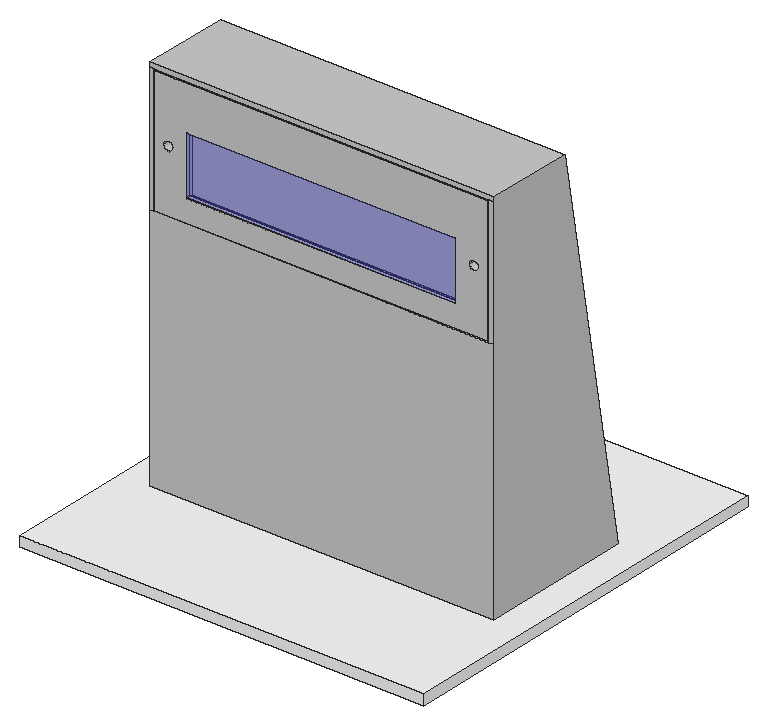
Revit family "BE_84081_de_DE", category Leuchten, Revit 2020
Family settings
  Basisbauteil = Fläche
  Bemaßung runder Anschluss = Durchmesser verwenden
  Teiletyp = Normal
  Beim Laden mit Abzugskörper schneiden = Ja
  Lichtquelle = Ja
  Gemeinsam genutzt = Nein
  Raumberechnungspunkt = Ja
Parameters (values of type "BEGA_84081_Silber_K4")
  built-in parameter 1150104 = 14.502 (stored number, unit not read)
  Wattage = 12.2 W
  Default Elevation = 0 mm
  built-in parameter 1150113 = 1 (stored number, unit not read)
  built-in parameter 1114218 = 1 (stored number, unit not read)
  Umgebungstemperatur = "25 °C"
  URL = "https://www.bega.com/de/produkt/84081"
  Typenkommentare = "© 2022 BEGA. Wir behalten uns das Recht vor, technische Änderungen ohne vorherige Ankündigung vorzunehmen."  # constant formula
  Type Image = 84081.png
  built-in parameter 1150134 = 12
  built-in parameter 1150109 = 1 (stored number, unit not read)
  Strom = ""
  built-in parameter 1150110 = 1 (stored number, unit not read)
  Spannung = 239.996 V
  Sonderanfertigung = no
  Seriennummer [instance] = "Hier können Sie die eindeutige Seriennummer für das Facility Management eintragen."
  Schutzklasse = "I"
  Schutzart = "IP 65"
  Scheinlast = 0 VA
  Produktdatenblatt = "https://cdn.bega.com/bega/products/84081AK4/current/documents/data-sheets/de"
  Oberflächentemperatur = ""
  Neigungswinkel = 0.00°
  Modell = "84081AK4"
  Material_17 = BEGA_Reflektor
  Material_15 = BEGA_Leuchtmedium_matt
  Material_11 = BEGA_Glas_opal
  Material_10 = BEGA_Glas_matt
  Material_09 = BEGA_Glas_klar
  Material_06 = BEGA_Oberfläche_Edelstahl_gebürstet
  Material_03 = BEGA_Oberfläche_Weiss_matt
  Material_02 = BEGA_Oberfläche_Silber_matt
  Material_01 [instance] = BEGA_Oberfläche_Grafit_matt
  M_W = no
  M_G = no
  M_A = yes
  Logo = 0
  built-in parameter 1114217 = 1 (stored number, unit not read)
  built-in parameter 1150139 = (empty or 0)
  built-in parameter 1150105 = 151.55 (stored number, unit not read)
  built-in parameter 1150114 = 1 (stored number, unit not read)
  Lumens = 1904.42 lm
  built-in parameter 1150115 = 1 (stored number, unit not read)
  Leuchtenlichtstrom = "856 lm"
  Leuchtenanzahl = ""
  Lebensdauerkriterien = "L70B50 @ 25 °C = 200000 h"
  Lastklassifizierung = Beleuchtung
  built-in parameter 1150112 = 1 (stored number, unit not read)
  Lampenlichtstrom = "1905 lm"
  Lampe = "LED 12.2 W"
  LED_Modulbezeichnung = "LED-0633/840"
  built-in parameter 1150142 = (empty or 0)
  Hersteller = "BEGA"  # constant formula
  Halbstreuwinkel = ""
  Gewicht = "9.05 kg"
  Gebrauchslageneinschränkung [instance] = ""
  Frequenz = "0/50-60 Hz"
  Farbwiedergabeindex = "CRI > 80"
  Farbtemperaturverschiebung bei Dämpfen der Lampe = <Keine Auswahl>
  Farbtemperatur = "4000 K"
  Farbfilter = 16777215
  Erdstück = no
  built-in parameter 1150133 = 10 (stored number, unit not read)
  Energieeffizienzklasse = "LED A++ - A"
  built-in parameter 1150137 = (empty or 0)
  built-in parameter 1150132 = (empty or 0)
  ENEC = "ja"
  Dimmbar [instance] = "DALI"
  Datei für fotometrisches Netz = "BE_84081K4.IES"
  CE_Konformität = "ja"
  Bestellnummer_Erdstück = if(Erdstück, "71890", "---")  # "---"
  Bestellnummer = "84081AK4"
  Beschreibung_Sonderanfertigung = "Hier können Sie Informationen zur Sonderanfertigung eintragen."
  Beschreibung = "Bodenaufbauleuchte"
  built-in parameter 1150106 = 1.5155 (stored number, unit not read)
  Befestigungsbohrung = "Ø 9 mm"
  Befestigungsabstand = "220 mm"
  Ballwurfsicher = ""
  BEGA_Intern_aus = yes
  BEGA_Intern_an = yes
  BEGA_Intern_Konstruktion = yes
  BEGA_Intern = yes
  BEGA_IES = yes
  BEGA_Dummy = no
  Anschlussleitung = ""
  Anschlussleistung [instance] = "14.5 W"
  built-in parameter 1150107 = 4000 (stored number, unit not read)
  built-in parameter 1150102 = (empty or 0)
  built-in parameter 1150138 = (empty or 0)
  Aktualisierung = "2022-05-19T04:00:07"
  Abstand_zur_angestrahlten_Fläche [instance] = ""
  AC/DC = "AC/DC"
Types (4, lengths in mm): name | built-in parameter 1150104 | built-in parameter 1150134 | Modell | M_G | M_A | built-in parameter 1150105 | Lumens | Leuchtenlichtstrom | Lampenlichtstrom | LED_Modulbezeichnung | Farbtemperatur | Datei für fotometrisches Netz | Bestellnummer | built-in parameter 1150106 | built-in parameter 1150107
  BEGA_84081_Silber_K4 | 14.502 (stored number, unit not read) | 12 | "84081AK4" | no | yes | 151.55 (stored number, unit not read) | 1904.42 lm | "856 lm" | "1905 lm" | "LED-0633/840" | "4000 K" | "BE_84081K4.IES" | "84081AK4" | 1.5155 (stored number, unit not read) | 4000 (stored number, unit not read)
  BEGA_84081_Grafit_K4 | 14.502 (stored number, unit not read) | 12 | "84081K4" | yes | no | 151.55 (stored number, unit not read) | 1904.42 lm | "856 lm" | "1905 lm" | "LED-0633/840" | "4000 K" | "BE_84081K4.IES" | "84081K4" | 1.5155 (stored number, unit not read) | 4000 (stored number, unit not read)
  BEGA_84081_Silber_K3 | 14.354 (stored number, unit not read) | (empty or 0) | "84081AK3" | no | yes | 150 (stored number, unit not read) | 1884.9 lm | "848 lm" | "1885 lm" | "LED-0633/830" | "3000 K" | "BE_84081K3.IES" | "84081AK3" | 1.5 (stored number, unit not read) | 3000 (stored number, unit not read)
  BEGA_84081_Grafit_K3 | 14.354 (stored number, unit not read) | (empty or 0) | "84081K3" | yes | no | 150 (stored number, unit not read) | 1884.9 lm | "848 lm" | "1885 lm" | "LED-0633/830" | "3000 K" | "BE_84081K3.IES" | "84081K3" | 1.5 (stored number, unit not read) | 3000 (stored number, unit not read)
Reference planes
  plane 1 "Mitte (Vorne/Hinten)": y = 0
  plane 2: z = 0
  plane 3 "Mitte (Links/Rechts)": x = 0
  plane 4 "Links": x = -170
  plane 5 "Rechts": x = 170
  plane 6 "Unten": y = -77.063
  plane 7 "Oben": y = 77.063
  plane 8 "Vorne": z = 376
  plane 9 "Hinten": z = 0
Forms (mm)
  Extrusion 1, solid, material "BEGA_Platte_Weiss"
    sketch origin (0, -1119.2, 0) x (1, 0, 0) y (0, 1, 0)
      loop
        line (-200, 1319.2) -> (-200, 919.2) -> (200, 919.2) -> (200, 1319.2) -> (-200, 1319.2)
    from 0 to -10
  Extrusion 2, solid, material "BEGA_Dummy_matt", visible <- "BEGA_Dummy"
    sketch origin (80.095, -76.023, 0) x (1, 0, 0) y (0, 1, 0)
      loop
        line (-250.095, 153.086) -> (-250.095, -1.04) -> (89.905, -1.04) -> (89.905, 153.086) -> (-250.095, 153.086)
    from 0 to 376
Dimensions and locks
  plane 1 "Mitte (Vorne/Hinten)" to Extrusion 1 = 200 mm
  aligned and locked: plane 2 to Extrusion 1
  aligned and locked: level to Extrusion 1
Nested families
  nested 1: "BE_84081" at (0, 0, 0), type "BE_84081"
Connectors
  electrical at (0, 0, 0), driven by "Lastklassifizierung", driven by "Spannung", driven by "Scheinlast"
    settings: index 1, voltage 239.996 V, apparent load 0 VA, apparent load phase1 0 VA, apparent load phase2 0 VA, apparent load phase3 0 VA, power factor 1, load classification "Beleuchtung", number of poles 1, system type 31, power factor state 1, is connector primary yes, connector utility no, sub classification motor no, connector description ""
Definition of nested family "BE_84081"
  Parameters (values of type "BE_84081")
    Default Elevation = 1 mm
    URL = "http://www.bega.de/de/produkt"
    Type Comments = "© 2015 BEGA. Wir behalten uns das Recht vor, technische Änderungen ohne vorherige Ankündigung vorzunehmen. "  # constant formula
    Type Image = (empty or 0)
    Neigungswinkel_um_Z2 = 0.00°
    Neigungswinkel_um_Z1 = 0.00°
    Neigungswinkel_um_Y2 = 0.00°
    Neigungswinkel_um_Y1 = 0.00°
    Neigungswinkel_um_X2 = 0.00°
    Neigungswinkel_um_X1 = 0.00°
    Material_17 = none
    Material_15 = none
    Material_13 = none
    Material_11 = none
    Material_09 = none
    Material_08 = none
    Material_06 = none
    Material_02 = none
    Material_01 = none
    M_W = yes
    M_G = yes
    M_A = yes
    Länge_Platte = 200 mm  # constant formula
    Höhe_Platte = -10 mm  # constant formula
    Manufacturer = "BEGA"  # constant formula
    Drehwinkel_um_Z2 = 0.00°
    Drehwinkel_um_Z1 = 0.00°
    Breite_Platte = 200 mm  # constant formula
  Reference planes
    plane 1 "Mitte (Oben/Unten)": y = 0
    plane 2: z = 0
    plane 3 "Mitte (Links/Rechts)": x = 0
    plane 4 "Hinten": z = -25
    plane 5 "Oben": y = 77.063
    plane 6 "Unten": y = -77.063
    plane 7: z = 376
    plane 8: x = 170
    plane 9: x = -170
  Forms (mm)
    Extrusion 1, solid, detail levels medium
      sketch origin (0, 0, 0) x (1, 0, 0) y (0, 1, 0)
        loop
          line (-100, 100) -> (-100, -100) -> (100, -100) -> (100, 100) -> (-100, 100)
      from 0 to -10 <- "Höhe_Platte"
    Extrusion 2, solid, material <- "Material_01", visible <- "M_G"
      sketch origin (0, 0, 0) x (0, 1, 0) y (0, 0, 1)
        loop
          line (11.212, 374.459) -> (-77.063, 376) -> (-77.063, 371.5) -> (-77.063, 245.5) -> (-77.063, 1) -> (-73.063, 1) -> (-73.063, 241) -> (-69.063, 241) -> (-69.063, 370) -> (-66.018, 370) -> (7.937, 370) -> (73.001, 1) -> (77.063, 1) -> (11.212, 374.459)
      from -170 to 170
    Extrusion 3, solid, material <- "Material_08"
      sketch origin (0, 0, 0) x (0, 1, 0) y (0, 0, 1)
        loop
          line (-71.063, 4) -> (-71.063, 0) -> (68.937, 0) -> (68.937, 4) -> (-1.137, 4) -> (-71.063, 4)
      from -162 to 162
    Extrusion 4, solid, material <- "Material_01", visible <- "M_G"
      sketch origin (0, 0, 0) x (0, 1, 0) y (0, 0, 1)
        loop
          line (-69.063, 241) -> (-73.063, 241) -> (-73.063, 1) -> (73.001, 1) -> (7.937, 370) -> (-69.063, 370) -> (-69.063, 241)
      from 162 to 170
    Extrusion 5, solid, material <- "Material_01", visible <- "M_G"
      sketch origin (0, 0, 0) x (0, 1, 0) y (0, 0, -1)
        loop
          line (-69.063, -241) -> (-69.063, -370) -> (7.937, -370) -> (73.001, -1) -> (-73.063, -1) -> (-73.063, -241) -> (-69.063, -241)
      from 162 to 170
    Extrusion 6, solid, material <- "Material_02", visible <- "M_A"
      sketch origin (0, 0, 0) x (0, 1, 0) y (0, 0, 1)
        loop
          line (11.212, 374.459) -> (-77.063, 376) -> (-77.063, 371.5) -> (-77.063, 245.5) -> (-77.063, 1) -> (-73.063, 1) -> (-73.063, 241) -> (-69.063, 241) -> (-69.063, 370) -> (-66.018, 370) -> (7.937, 370) -> (73.001, 1) -> (77.063, 1) -> (11.212, 374.459)
      from -170 to 170
    Extrusion 7, solid, material <- "Material_02", visible <- "M_A"
      sketch origin (0, 0, 0) x (0, 1, 0) y (0, 0, 1)
        loop
          line (-69.063, 241) -> (-73.063, 241) -> (-73.063, 1) -> (73.001, 1) -> (7.937, 370) -> (-69.063, 370) -> (-69.063, 241)
      from 162 to 170
    Extrusion 8, solid, material <- "Material_02", visible <- "M_A"
      sketch origin (0, 0, 0) x (0, 1, 0) y (0, 0, -1)
        loop
          line (-69.063, -241) -> (-69.063, -370) -> (7.937, -370) -> (73.001, -1) -> (-73.063, -1) -> (-73.063, -241) -> (-69.063, -241)
      from 162 to 170
    Extrusion 9, void
      sketch origin (0, 0, 0) x (1, 0, 0) y (0, 0, 1)
        loop
          line (-165.445, 371.5) -> (-165.445, 245.5) -> (165.555, 245.5) -> (165.555, 371.5) -> (-165.445, 371.5)
        loop
          line (-164.459, 370.326) -> (-164.459, 246.485) -> (164.382, 246.485) -> (164.382, 370.326) -> (-164.459, 370.326)
        loop
          line (-133.311, 268.134) -> (133.233, 268.134) -> (133.233, 326.678) -> (-133.311, 326.678) -> (-133.311, 268.134)
      from 70.363 to 106.886
    Extrusion 10, void
      sketch origin (0, 0, 0) x (1, 0, 0) y (0, 0, 1)
        loop
          circle (-151.023, 308.409) r 4.544
        loop
          circle (151.023, 308.409) r 4.544
      from 58.093 to 98.341
    Extrusion 11, solid, material <- "Material_11"
      sketch origin (0, 0, 0) x (1, 0, 0) y (0, 0, 1)
        loop
          line (132.935, 326.432) -> (-133.065, 326.432) -> (-133.065, 268.432) -> (132.935, 268.432) -> (132.935, 326.432)
      from 73.063 to 77.063
    Extrusion 12, void
      sketch origin (0, 0, 0) x (1, 0, 0) y (0, 1, 0)
        loop
          arc (114.064, -9.981) -> (114.5, 0) -> (114.064, 9.981) r 114.5
          arc (114.064, 9.981) -> (109.189, 14.072) -> (105.098, 9.197) r 4.5
          arc (105.098, 9.197) -> (105.5, 0) -> (105.099, -9.195) r 105.5
          arc (105.099, -9.195) -> (109.189, -14.07) -> (114.064, -9.981) r 4.5
        loop
          circle (0, 0) r 36
        loop
          arc (-105.098, 9.193) -> (-109.189, 14.07) -> (-114.064, 9.979) r 4.5
          arc (-114.064, 9.979) -> (-114.5, 0) -> (-114.064, -9.977) r 114.5
          arc (-114.064, -9.977) -> (-109.189, -14.068) -> (-105.099, -9.193) r 4.5
          arc (-105.099, -9.193) -> (-105.5, 0) -> (-105.098, 9.193) r 105.5
      from 0 to 10.524
  Cuts and joins
    Extrusion 9, Extrusion 10, Extrusion 12 cuts Extrusion 2
    Extrusion 9, Extrusion 10, Extrusion 12 cuts Extrusion 4
    Extrusion 9, Extrusion 10, Extrusion 12 cuts Extrusion 5
    joined: Extrusion 2, Extrusion 4, Extrusion 5
    Extrusion 9, Extrusion 10, Extrusion 12 cuts Extrusion 6
    Extrusion 9, Extrusion 10, Extrusion 12 cuts Extrusion 7
    Extrusion 9, Extrusion 10, Extrusion 12 cuts Extrusion 8
    joined: Extrusion 6, Extrusion 7, Extrusion 8
    Extrusion 12 cuts Extrusion 3
  Dimensions and locks
    equal spacing: Extrusion 1 sketch curve, plane 3 "Mitte (Links/Rechts)", Extrusion 1 sketch curve
    equal spacing: Extrusion 1 sketch curve, plane 1 "Mitte (Oben/Unten)", Extrusion 1 sketch curve
    "Länge_Platte": Extrusion 1 sketch curve to Extrusion 1 sketch curve
    "Breite_Platte": Extrusion 1 sketch curve to Extrusion 1 sketch curve
    aligned and locked: plane 2 to Extrusion 1
    aligned and locked: level to Extrusion 1
  Automatic sketch dimensions
    plane 1 "Mitte (Oben/Unten)" to Extrusion 2 sketch curve = 77.063 mm
    Extrusion 2 sketch curve to Extrusion 2 sketch curve = 4 mm  (x2)
    Extrusion 2 sketch curve to Extrusion 2 sketch curve = 3.045 mm
    Extrusion 2 sketch curve to plane 1 "Mitte (Oben/Unten)" = 7.937 mm
    Extrusion 2 sketch curve to Extrusion 2 sketch curve = 3.275 mm
    level to Extrusion 2 sketch curve = 1 mm  (x3)
    Extrusion 2 sketch curve to plane 1 "Mitte (Oben/Unten)" = 73.001 mm
    Extrusion 2 sketch curve to Extrusion 2 sketch curve = 4.062 mm
    Extrusion 2 sketch curve to Extrusion 2 sketch curve = 4.5 mm  (x2)
    Extrusion 2 sketch curve to Extrusion 2 sketch curve = 124.5 mm
    Extrusion 2 sketch curve to Extrusion 2 sketch curve = 1.5 mm
    Extrusion 2 sketch curve to Extrusion 2 sketch curve = 4.459 mm
    Extrusion 3 sketch curve to level = 0 mm
    plane 1 "Mitte (Oben/Unten)" to Extrusion 3 sketch curve = 71.063 mm
    plane 1 "Mitte (Oben/Unten)" to Extrusion 3 sketch curve = 1.137 mm
    Extrusion 3 sketch curve to plane 1 "Mitte (Oben/Unten)" = 68.937 mm
    Extrusion 3 sketch curve to Extrusion 3 sketch curve = 4 mm
    level to Extrusion 4 sketch curve = 1 mm
    plane 1 "Mitte (Oben/Unten)" to Extrusion 4 sketch curve = 73.063 mm
    plane 1 "Mitte (Oben/Unten)" to Extrusion 4 sketch curve = 69.063 mm
    Extrusion 4 sketch curve to plane 1 "Mitte (Oben/Unten)" = 7.937 mm
    Extrusion 4 sketch curve to plane 1 "Mitte (Oben/Unten)" = 73.001 mm
    Extrusion 4 sketch curve to Extrusion 4 sketch curve = 129 mm
    level to Extrusion 5 sketch curve = 1 mm
    plane 1 "Mitte (Oben/Unten)" to Extrusion 5 sketch curve = 73.063 mm
    plane 1 "Mitte (Oben/Unten)" to Extrusion 5 sketch curve = 69.063 mm
    Extrusion 5 sketch curve to plane 1 "Mitte (Oben/Unten)" = 7.937 mm
    Extrusion 5 sketch curve to plane 1 "Mitte (Oben/Unten)" = 73.001 mm
    Extrusion 5 sketch curve to Extrusion 5 sketch curve = 129 mm
    plane 1 "Mitte (Oben/Unten)" to Extrusion 6 sketch curve = 77.063 mm
    Extrusion 6 sketch curve to Extrusion 6 sketch curve = 4 mm  (x2)
    Extrusion 6 sketch curve to Extrusion 6 sketch curve = 3.045 mm
    Extrusion 6 sketch curve to plane 1 "Mitte (Oben/Unten)" = 7.937 mm
    Extrusion 6 sketch curve to Extrusion 6 sketch curve = 3.275 mm
    level to Extrusion 6 sketch curve = 1 mm  (x3)
    Extrusion 6 sketch curve to plane 1 "Mitte (Oben/Unten)" = 73.001 mm
    Extrusion 6 sketch curve to Extrusion 6 sketch curve = 4.062 mm
    Extrusion 6 sketch curve to Extrusion 6 sketch curve = 4.5 mm  (x2)
    Extrusion 6 sketch curve to Extrusion 6 sketch curve = 124.5 mm
    Extrusion 6 sketch curve to Extrusion 6 sketch curve = 1.5 mm
    Extrusion 6 sketch curve to Extrusion 6 sketch curve = 4.459 mm
    level to Extrusion 7 sketch curve = 1 mm
    plane 1 "Mitte (Oben/Unten)" to Extrusion 7 sketch curve = 73.063 mm
    plane 1 "Mitte (Oben/Unten)" to Extrusion 7 sketch curve = 69.063 mm
    Extrusion 7 sketch curve to plane 1 "Mitte (Oben/Unten)" = 7.937 mm
    Extrusion 7 sketch curve to plane 1 "Mitte (Oben/Unten)" = 73.001 mm
    Extrusion 7 sketch curve to Extrusion 7 sketch curve = 129 mm
    level to Extrusion 8 sketch curve = 1 mm
    plane 1 "Mitte (Oben/Unten)" to Extrusion 8 sketch curve = 73.063 mm
    plane 1 "Mitte (Oben/Unten)" to Extrusion 8 sketch curve = 69.063 mm
    Extrusion 8 sketch curve to plane 1 "Mitte (Oben/Unten)" = 7.937 mm
    Extrusion 8 sketch curve to plane 1 "Mitte (Oben/Unten)" = 73.001 mm
    Extrusion 8 sketch curve to Extrusion 8 sketch curve = 129 mm
    Extrusion 9 sketch curve to Extrusion 9 sketch curve = 0.985 mm  (x3)
    Extrusion 9 sketch curve to Extrusion 9 sketch curve = 1.174 mm  (x2)
    Extrusion 9 sketch curve to Extrusion 9 sketch curve = 31.149 mm  (x2)
    Extrusion 9 sketch curve to Extrusion 9 sketch curve = 43.649 mm  (x2)
    Extrusion 9 sketch curve to Extrusion 9 sketch curve = 21.649 mm
    Extrusion 11 sketch curve to Extrusion 11 sketch curve = 58 mm
    Extrusion 12 sketch curve to Extrusion 12 sketch curve = 0 mm  (x15)
    Extrusion 12 sketch curve to Extrusion 12 sketch curve = 0.002 mm  (x5)
    plane 1 "Mitte (Oben/Unten)" to Extrusion 12 sketch curve = 0 mm
    Extrusion 12 sketch curve to plane 3 "Mitte (Links/Rechts)" = 0 mm
    Extrusion 12 sketch curve to plane 1 "Mitte (Oben/Unten)" = 9.589 mm
    plane 1 "Mitte (Oben/Unten)" to Extrusion 12 sketch curve = 9.195 mm
    Extrusion 12 sketch curve to Extrusion 12 sketch curve = 4.483 mm  (x7)
    Extrusion 12 sketch curve to Extrusion 12 sketch curve = 8.966 mm
    Extrusion 12 sketch curve to Extrusion 12 sketch curve = 0.786 mm
    plane 1 "Mitte (Oben/Unten)" to Extrusion 12 sketch curve = 9.585 mm
    Extrusion 12 sketch curve to Extrusion 12 sketch curve = 0.392 mm
    Extrusion 12 sketch curve to plane 1 "Mitte (Oben/Unten)" = 9.193 mm
    Extrusion 2 sketch curve to Extrusion 2 sketch curve = 240 mm
    Extrusion 4 sketch curve to Extrusion 4 sketch curve = 240 mm
    Extrusion 5 sketch curve to Extrusion 5 sketch curve = 240 mm
    Extrusion 6 sketch curve to Extrusion 6 sketch curve = 240 mm
    Extrusion 7 sketch curve to Extrusion 7 sketch curve = 240 mm
    Extrusion 8 sketch curve to Extrusion 8 sketch curve = 240 mm
    level to Extrusion 9 sketch curve = 245.5 mm
    Extrusion 9 sketch curve to Extrusion 9 sketch curve = 58.544 mm
    level to Extrusion 10 sketch curve = 308.409 mm
    Extrusion 10 sketch curve to Extrusion 10 sketch curve = 0 mm
    level to Extrusion 11 sketch curve = 268.432 mm
    plane 3 "Mitte (Links/Rechts)" to Extrusion 9 sketch curve = 133.233 mm
    plane 3 "Mitte (Links/Rechts)" to Extrusion 10 sketch curve = 151.023 mm
    plane 3 "Mitte (Links/Rechts)" to Extrusion 11 sketch curve = 132.935 mm
    Extrusion 9 sketch curve to plane 3 "Mitte (Links/Rechts)" = 133.311 mm
    Extrusion 10 sketch curve to plane 3 "Mitte (Links/Rechts)" = 151.023 mm
    Extrusion 11 sketch curve to plane 3 "Mitte (Links/Rechts)" = 133.065 mm
    Extrusion 12 sketch curve to plane 1 "Mitte (Oben/Unten)" = 9.587 mm
    Extrusion 12 sketch curve to plane 3 "Mitte (Links/Rechts)" = 109.581 mm
    radius of Extrusion 10 sketch curve = 4.544 mm  (x2)
    radius of Extrusion 12 sketch curve = 36 mm
